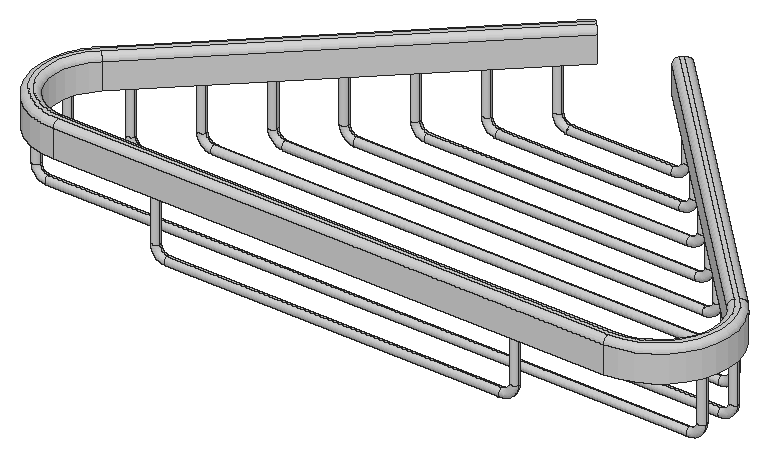
Revit family "SA-1408 G", category Plumbing Equipment, Revit 2023
Family settings
  Round Connector Dimension = Use Diameter
  Classification = None
  Part Type = Normal
  Work Plane-Based = No
  Always vertical = Yes
  Cut with Voids When Loaded = No
  Maintain Annotation Orientation = No
  Shared = No
  Room Calculation Point = No
Parameters
  Material = Steel
  Default Elevation = 0' - 0"
Reference planes (in)
  plane 1 "Center (Front/Back)": y = 0
  plane 2: z = 0
  plane 3 "Center (Left/Right)": x = 0
  plane 4: z = 1.4375
  plane 5: x = 5.25
  plane 6: x = -5.25
Forms (in)
  Sweep 1, solid, material "Steel" <- "Material"
    path origin (2.8568, 0.8932, 1.4375) x (-0.707107, -0.707107, 0) y (0.707107, -0.707107, 0)
      loop
        line (0.125, -2.97947) -> (0.125, 2.94591)
        arc (0.125, 2.94591) -> (0.7024, 3.81006) -> (1.72173, 3.6073) r 0.93534
        line (1.72173, 3.6073) -> (7.64743, -2.3184)
        arc (7.64743, -2.3184) -> (7.85019, -3.33773) -> (6.98604, -3.91513) r 0.93534
        line (6.98604, -3.91513) -> (1.06066, -3.91513)
    profile origin (2.75655, 0.81667, 1.4375) x (0.707107, 0.707107, 0) y (0, 0, 1)
      loop
        arc (0.125, -0.09375) -> (0.09754, -0.02746) -> (0.03125, 0) r 0.09375
        line (0.03125, 0) -> (-0.03125, 0)
        arc (-0.03125, 0) -> (-0.09754, -0.02746) -> (-0.125, -0.09375) r 0.09375
        line (-0.125, -0.09375) -> (-0.125, -0.50068) -> (0.125, -0.50068) -> (0.125, -0.09375)
  Sweep 2, solid, material "Steel" <- "Material"
    path origin (-2.17323, -2.22614, -178.5625) x (-1, 0, 0) y (0, 0, -1)
      loop
        line (2.89729, -179.49932) -> (2.89729, -178.8125)
        arc (2.89729, -178.8125) -> (2.84238, -178.67992) -> (2.70979, -178.625) r 0.1875
        line (2.70979, -178.625) -> (-7.05626, -178.625)
        arc (-7.05626, -178.625) -> (-7.18884, -178.67992) -> (-7.24376, -178.8125) r 0.1875
        line (-7.24376, -178.8125) -> (-7.24376, -179.49932)
    profile origin (-5.07053, -2.22614, 0.59341) x (0, -1, 0) y (1, 0, 0)
      loop
        circle (0, 0) r 0.0625
  Sweep 3, solid, material "Steel" <- "Material"
    path origin (-2.17323, -1.62387, -178.5625) x (-1, 0, 0) y (0, 0, -1)
      loop
        line (2.89729, -179.49932) -> (2.89729, -178.8125)
        arc (2.89729, -178.8125) -> (2.84238, -178.67992) -> (2.70979, -178.625) r 0.1875
        line (2.70979, -178.625) -> (-7.05626, -178.625)
        arc (-7.05626, -178.625) -> (-7.18884, -178.67992) -> (-7.24376, -178.8125) r 0.1875
        line (-7.24376, -178.8125) -> (-7.24376, -179.49932)
    profile origin (-5.07053, -1.62387, 0.59341) x (0, -1, 0) y (1, 0, 0)
      loop
        circle (0, 0) r 0.0625
  Sweep 4, solid, material "Steel" <- "Material"
    path origin (-2.17323, -1.02159, -178.5625) x (-1, 0, 0) y (0, 0, -1)
      loop
        line (2.42158, -179.49932) -> (2.42158, -178.8125)
        arc (2.42158, -178.8125) -> (2.36666, -178.67992) -> (2.23408, -178.625) r 0.1875
        line (2.23408, -178.625) -> (-6.58054, -178.625)
        arc (-6.58054, -178.625) -> (-6.71313, -178.67992) -> (-6.76804, -178.8125) r 0.1875
        line (-6.76804, -178.8125) -> (-6.76804, -179.49932)
    profile origin (-4.59481, -1.02159, 0.59341) x (0, -1, 0) y (1, 0, 0)
      loop
        circle (0, 0) r 0.0625
  Sweep 5, solid, material "Steel" <- "Material"
    path origin (-2.17323, -0.41931, -178.5625) x (-1, 0, 0) y (0, 0, -1)
      loop
        line (1.8193, -179.49932) -> (1.8193, -178.8125)
        arc (1.8193, -178.8125) -> (1.76439, -178.67992) -> (1.6318, -178.625) r 0.1875
        line (1.6318, -178.625) -> (-5.97827, -178.625)
        arc (-5.97827, -178.625) -> (-6.11085, -178.67992) -> (-6.16577, -178.8125) r 0.1875
        line (-6.16577, -178.8125) -> (-6.16577, -179.49932)
    profile origin (-3.99254, -0.41931, 0.59341) x (0, -1, 0) y (1, 0, 0)
      loop
        circle (0, 0) r 0.0625
  Sweep 6, solid, material "Steel" <- "Material"
    path origin (-2.17323, 0.18296, -178.5625) x (-1, 0, 0) y (0, 0, -1)
      loop
        line (1.21703, -179.49932) -> (1.21703, -178.8125)
        arc (1.21703, -178.8125) -> (1.16211, -178.67992) -> (1.02953, -178.625) r 0.1875
        line (1.02953, -178.625) -> (-5.37599, -178.625)
        arc (-5.37599, -178.625) -> (-5.50857, -178.67992) -> (-5.56349, -178.8125) r 0.1875
        line (-5.56349, -178.8125) -> (-5.56349, -179.49932)
    profile origin (-3.39026, 0.18296, 0.59341) x (0, -1, 0) y (1, 0, 0)
      loop
        circle (0, 0) r 0.0625
  Sweep 7, solid, material "Steel" <- "Material"
    path origin (-2.17323, 0.78524, -178.5625) x (-1, 0, 0) y (0, 0, -1)
      loop
        line (0.61475, -179.49932) -> (0.61475, -178.8125)
        arc (0.61475, -178.8125) -> (0.55983, -178.67992) -> (0.42725, -178.625) r 0.1875
        line (0.42725, -178.625) -> (-4.77371, -178.625)
        arc (-4.77371, -178.625) -> (-4.9063, -178.67992) -> (-4.96121, -178.8125) r 0.1875
        line (-4.96121, -178.8125) -> (-4.96121, -179.49932)
    profile origin (-2.78798, 0.78524, 0.59341) x (0, -1, 0) y (1, 0, 0)
      loop
        circle (0, 0) r 0.0625
  Sweep 8, solid, material "Steel" <- "Material"
    path origin (-2.17323, 1.38752, -178.5625) x (-1, 0, 0) y (0, 0, -1)
      loop
        line (0.01247, -179.49932) -> (0.01247, -178.8125)
        arc (0.01247, -178.8125) -> (-0.04244, -178.67992) -> (-0.17503, -178.625) r 0.1875
        line (-0.17503, -178.625) -> (-4.17144, -178.625)
        arc (-4.17144, -178.625) -> (-4.30402, -178.67992) -> (-4.35894, -178.8125) r 0.1875
        line (-4.35894, -178.8125) -> (-4.35894, -179.49932)
    profile origin (-2.18571, 1.38752, 0.59341) x (0, -1, 0) y (1, 0, 0)
      loop
        circle (0, 0) r 0.0625
  Sweep 9, solid, material "Steel" <- "Material"
    path origin (-2.17323, 1.98979, -178.5625) x (-1, 0, 0) y (0, 0, -1)
      loop
        line (-0.5898, -179.49932) -> (-0.5898, -178.8125)
        arc (-0.5898, -178.8125) -> (-0.64472, -178.67992) -> (-0.7773, -178.625) r 0.1875
        line (-0.7773, -178.625) -> (-3.56916, -178.625)
        arc (-3.56916, -178.625) -> (-3.70174, -178.67992) -> (-3.75666, -178.8125) r 0.1875
        line (-3.75666, -178.8125) -> (-3.75666, -179.49932)
    profile origin (-1.58343, 1.98979, 0.59341) x (0, -1, 0) y (1, 0, 0)
      loop
        circle (0, 0) r 0.0625
  Sweep 10, solid, material "Steel" <- "Material"
    path origin (-2.17323, 2.59207, -178.5625) x (-1, 0, 0) y (0, 0, -1)
      loop
        line (-1.19208, -179.49932) -> (-1.19208, -178.8125)
        arc (-1.19208, -178.8125) -> (-1.247, -178.67992) -> (-1.37958, -178.625) r 0.1875
        line (-1.37958, -178.625) -> (-2.96688, -178.625)
        arc (-2.96688, -178.625) -> (-3.09947, -178.67992) -> (-3.15438, -178.8125) r 0.1875
        line (-3.15438, -178.8125) -> (-3.15438, -179.49932)
    profile origin (-0.98115, 2.59207, 0.59341) x (0, -1, 0) y (1, 0, 0)
      loop
        circle (0, 0) r 0.0625
  Sweep 11, solid, material "Steel" <- "Material"
    path origin (-2.17323, -2.875, -178.5625) x (-1, 0, 0) y (0, 0, -1)
      loop
        line (0.56123, -179.49932) -> (0.56123, -178.8125)
        arc (0.56123, -178.8125) -> (0.50631, -178.67992) -> (0.37373, -178.625) r 0.1875
        line (0.37373, -178.625) -> (-4.72019, -178.625)
        arc (-4.72019, -178.625) -> (-4.85277, -178.67992) -> (-4.90769, -178.8125) r 0.1875
        line (-4.90769, -178.8125) -> (-4.90769, -179.49932)
    profile origin (-2.73446, -2.875, 0.59341) x (0, -1, 0) y (1, 0, 0)
      loop
        circle (0, 0) r 0.0625
Dimensions and locks (in)
  plane 6 to plane 5 = 0' - 10 1/2"
  plane 4 to plane 2 = 0' - 1 7/16"
  plane 2 to plane 4 = 0' - 1 7/16"  (x3)
  plane 5 to plane 6 = 0' - 10 1/2"
  Sweep 1 to Sweep 1 = 0' - 6"  (x3)
  Sweep 1 to Sweep 1 = 0' - 10.50089"
  angle Sweep 1 to Sweep 1 = 90.00°
  aligned and locked: level to plane 2
